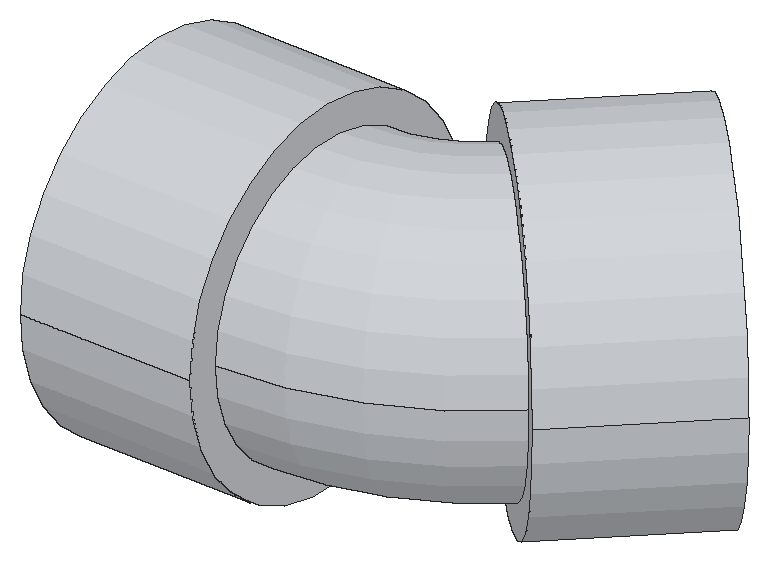
Revit family "Flanschfußbogen", category Rohrformteile, Revit 2020
Family settings
  Bemaßung runder Anschluss = Radius verwenden
  Teiletyp = Bogen
  OmniClass-Nummer = 23.60.30.11.14
  OmniClass-Titel = Pipework Fittings
  Arbeitsebenenbasiert = Nein
  Immer vertikal = Ja
  Beim Laden mit Abzugskörper schneiden = Nein
  Gemeinsam genutzt = Nein
Parameters (values of type "Standard")
  € [instance] = if(and(Nenndurchmesser = 100 mm, Winkel = 90.00°), 186.49, if(and(Nenndurchmesser = 125 mm, Winkel = 90.00°), 317.53, if(and(Nenndurchmesser = 150 mm, Winkel = 90.00°), 368.94, if(and(Nenndurchmesser = 200 mm, Winkel = 90.00°), 615.99, if(and(Nenndurchmesser = 250 mm, Winkel = 90.00°), 1085.24, if(and(Nenndurchmesser = 300 mm, Winkel = 90.00°), 1145.12, 0))))))  # 0
  max d1d2d3 [instance] = Nenndurchmesser  # 100 mm
  kg [instance] = if(and(Nenndurchmesser = 100 mm, Winkel = 90.00°), 16.90 kg, if(and(Nenndurchmesser = 125 mm, Winkel = 90.00°), 22.10 kg, if(and(Nenndurchmesser = 150 mm, Winkel = 90.00°), 28.80 kg, if(and(Nenndurchmesser = 200 mm, Winkel = 90.00°), 46.20 kg, if(and(Nenndurchmesser = 250 mm, Winkel = 90.00°), 73.50 kg, if(and(Nenndurchmesser = 300 mm, Winkel = 90.00°), 109.90 kg, 0.00 kg))))))  # 0.00 kg
  Vorgabe-Ansicht = 0 mm
  Radius Muffe [instance] = size_lookup("PressConnector", "Rad1", 0.52 * Nenndurchmesser + 2.5 mm, Nenndurchmesser)  # 61 mm
  Oberfläche [instance] = none
  DN [instance] = Nenndurchmesser  # 100 mm
  Abruftabelle Bogen = "Bogen Edelstahl Press"  # constant formula
  Muffenlänge [instance] = size_lookup("PressConnector", "Lgt1", 0.46 * Nenndurchmesser + 16 mm, Nenndurchmesser)  # 60 mm
  Nennradius [instance] = 50 mm
  Nenndurchmesser [instance] = Nennradius * 2  # 100 mm
  Verlustberechnungsmethode = K-Koeffizient aus Tabelle
  K-Koeffizient-Tabelle = "Regular 45, 90 and 180 Elbow"
  Abstand Mittelpunkt Ende [instance] = Bogenradius * tan(Winkel / 2)  # 28.167 mm
  Bogenradius [instance] = if(not(Winkel > 1.00°), 45 mm, size_lookup(Abruftabelle Bogen, "CRad", 1.39 * Nenndurchmesser + 8.9 mm, Nenndurchmesser, Winkel))  # 68 mm
  Winkel [instance] = 45.00°
  # [instance] = if(and(Nenndurchmesser = 100 mm, Winkel = 90.00°), "N100EKB", if(and(Nenndurchmesser = 125 mm, Winkel = 90.00°), "N125EKB", if(and(Nenndurchmesser = 150 mm, Winkel = 90.00°), "N150EKB", if(and(Nenndurchmesser = 200 mm, Winkel = 90.00°), "N200EKB", if(and(Nenndurchmesser = 250 mm, Winkel = 90.00°), "N250EKB", if(and(Nenndurchmesser = 300 mm, Winkel = 90.00°), "N300EKB", "-"))))))  # "-"
Reference planes
  plane 1 "Mitte (Vorne/hinten)": y = 0
  plane 2: z = 0
  plane 3 "Mitte (Links/rechts)": x = 0
  plane 4: x = -28.167
  plane 5: y = 68
  plane 6: x = -88.167
  plane 7: y = 61
Forms (mm)
  Sweep 1, solid, material <- "Oberfläche", detail levels fine
    path in 3D
      loop
        line (-88.167, 0, 0) -> (-28.167, 0, 0)
    profile origin (-58.167, 0, 0) x (0, 1, 0) y (0, 0, 1)
      loop
        circle (0, 0) r 61
  Sweep 2, solid, material <- "Oberfläche", detail levels fine
    path in 3D
      loop
        arc (-28.167, 0, 0) -> (-2.144, 5.176, 0) -> (19.917, 19.917, 0) r 68
    profile origin (-2.144, 5.176, 0) x (-0.382683, 0.92388, 0) y (0, 0, 1)
      loop
        circle (0, 0) r 50
  Sweep 3, solid, material <- "Oberfläche", detail levels fine
    path in 3D
      loop
        line (19.917, 19.917, 0) -> (62.343, 62.343, 0)
    profile origin (41.13, 41.13, 0) x (-0.707107, 0.707107, 0) y (0, 0, 1)
      loop
        circle (0, 0) r 61
Lines and regions (mm)
  reference lines
    curve 1: line (-88.167, 0, 0) -> (-28.167, 0, 0)
    curve 2: arc (-28.167, 0, 0) -> (-2.144, 5.176, 0) -> (19.917, 19.917, 0) r 68
    curve 3: line (19.917, 19.917, 0) -> (62.343, 62.343, 0)
    curve 19: line (62.343, 62.343, 0) -> (19.21, 105.477, 0)
    curve 20: line (19.21, 105.477, 0) -> (5.067, 91.335, 0)
  sketch lines
    curve 4: line (-88.167, 0, 0) -> (-28.167, 0, 0)
    curve 5: arc (-28.167, 0, 0) -> (-2.144, 5.176, 0) -> (19.917, 19.917, 0) r 68
    curve 6: line (19.917, 19.917, 0) -> (62.343, 62.343, 0)
  model lines, detail levels coarse+medium
    curve 7: line (-88.167, 0, 0) -> (-28.167, 0, 0)
    curve 8: arc (-28.167, 0, 0) -> (-2.144, 5.176, 0) -> (19.917, 19.917, 0) r 68
    curve 9: line (19.917, 19.917, 0) -> (62.343, 62.343, 0)
    curve 10: line (-88.167, 50, 0) -> (-88.167, -50, 0)
    curve 11: line (26.988, 97.698, 0) -> (97.698, 26.988, 0)
  model lines, style "Symbol", detail levels coarse+medium
    curve 12: line (-88.167, 0, 0) -> (-28.167, 0, 0)
    curve 13: arc (-28.167, 0, 0) -> (-2.144, 5.176, 0) -> (19.917, 19.917, 0) r 68
    curve 14: line (19.917, 19.917, 0) -> (62.343, 62.343, 0)
    curve 15: line (-88.167, 0, 50) -> (-88.167, 0, -50)
    curve 16: line (-88.167, 50, 0) -> (-88.167, -50, 0)
    curve 17: line (26.988, 97.698, 0) -> (97.698, 26.988, 0)
    curve 18: line (62.343, 62.343, 50) -> (62.343, 62.343, -50)
Dimensions and locks
  "Abstand Mittelpunkt Ende": plane 4 to plane 3 "Mitte (Links/rechts)"
  "Bogenradius": plane 5 to plane 1 "Mitte (Vorne/hinten)"
  "Muffenlänge": plane 6 to plane 4
  "Muffenlänge": curve 3 to curve 3
  locked: plane 5 to curve 2
  locked: plane 4 to curve 2
  "Muffenlänge": curve 9 to curve 9
  equal spacing: curve 10, plane 1 "Mitte (Vorne/hinten)", curve 10
  "Nennradius": plane 1 "Mitte (Vorne/hinten)" to curve 10
  equal spacing: curve 11, curve 9, curve 11
  "Nennradius": curve 11 to curve 9
  "Muffenlänge": curve 14 to curve 14
  equal spacing: curve 15, plane 2, curve 15
  "Nennradius": curve 15 to plane 2
  equal spacing: curve 16, plane 1 "Mitte (Vorne/hinten)", curve 16
  "Nennradius": plane 1 "Mitte (Vorne/hinten)" to curve 16
  equal spacing: curve 17, curve 14, curve 17
  "Nennradius": curve 14 to curve 17
  locked: curve 14 to curve 18
  equal spacing: curve 18, curve 17, curve 18
  "Nennradius": curve 17 to curve 18
  "Radius Muffe": curve 19 to curve 19
  "Radius Muffe": plane 1 "Mitte (Vorne/hinten)" to plane 7
  "Bogenradius": radius of curve 2
  "Radius Muffe": radius of Sweep 1 sketch curve
  "Nennradius": radius of Sweep 2 sketch curve
  "Radius Muffe": radius of Sweep 3 sketch curve
  "Bogenradius": radius of curve 8
  "Bogenradius": radius of curve 13
  "Winkel": angle curve 2 to curve 2
  "Winkel": angle plane 1 "Mitte (Vorne/hinten)" to curve 3
  "Winkel": angle curve 8 to curve 8
  "Winkel": angle plane 1 "Mitte (Vorne/hinten)" to curve 9
  locked: curve 9 to curve 11 (angle 90.00°)
  "Winkel": angle curve 13 to curve 13
  "Winkel": angle plane 1 "Mitte (Vorne/hinten)" to curve 14
  angle curve 17 to curve 14 = 90.00°
  aligned and locked: plane 6 to curve 1
  aligned and locked: plane 1 "Mitte (Vorne/hinten)" to curve 1
  aligned and locked: plane 4 to curve 2
  aligned and locked: plane 6 to curve 7
  aligned and locked: plane 1 "Mitte (Vorne/hinten)" to curve 7
  aligned and locked: curve 10 to plane 6
  aligned and locked: plane 1 "Mitte (Vorne/hinten)" to curve 12
  aligned and locked: plane 4 to curve 13
  aligned and locked: curve 15 to plane 6
  aligned and locked: curve 16 to plane 6
  aligned and locked: curve 3 to curve 19
  aligned and locked: curve 19 to curve 20
Automatic sketch dimensions
  curve 20 to curve 19 = 0 mm
  curve 19 to curve 20 = 20 mm
  Sweep 1 sketch curve to profile plane = 0 mm  (x2)
  Sweep 2 sketch curve to profile plane = 0 mm
  profile plane to Sweep 2 sketch curve = 0 mm
  Sweep 3 sketch curve to profile plane = 0 mm
  profile plane to Sweep 3 sketch curve = 0 mm
  curve 19 to curve 3 = 0 mm
Connectors
  piping at (-88.167, 0, 0), diameter 100, driven by "Nennradius", driven by "Winkel"
    settings: on Sweep 1, index 1, connector inside diameter 40 mm, connector length 0 mm, flow factor 0, pipe flow 0.0 L/s, pressure drop 0.0 Pa, fitting loss kfactor 0, connector angle 45.00°, fixture units 0, engagement length 0 mm, angle of deflection 0.00°, flow configuration 0, flow direction 0, fitting loss method 0, system type 28, joint type 0, gender type 0, connector reference index 2, connector utility 0, adjustable connector no, is connector primary yes, connector description ""
  piping at (62.343, 62.343, 0), diameter 100, driven by "Nennradius", driven by "Winkel"
    settings: on Sweep 3, index 2, connector inside diameter 40 mm, connector length 0 mm, flow factor 0, pipe flow 0.0 L/s, pressure drop 0.0 Pa, fitting loss kfactor 0, connector angle 45.00°, fixture units 0, engagement length 0 mm, angle of deflection 0.00°, flow configuration 0, flow direction 0, fitting loss method 0, system type 28, joint type 0, gender type 0, connector reference index 1, connector utility 0, adjustable connector no, is connector primary no, connector description ""
